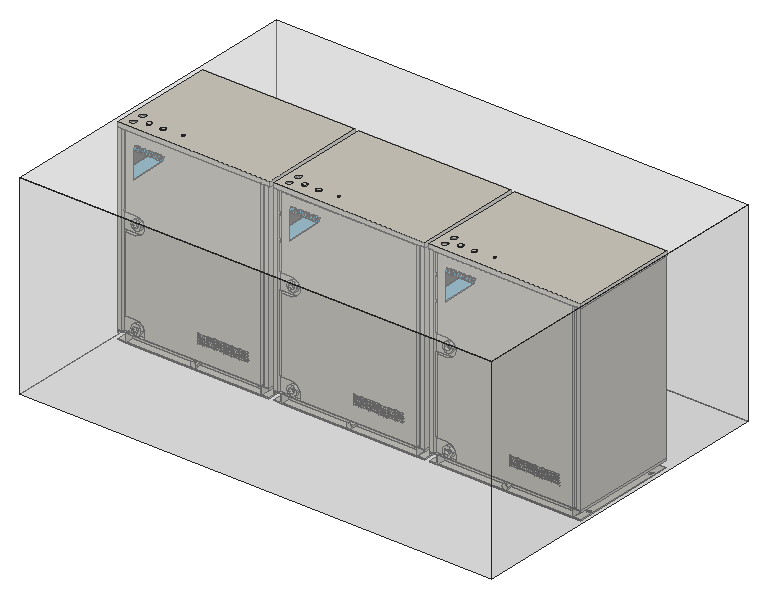
Revit family "outputfile", category 機械設備, Revit 2024
Family settings
  丸型コネクタ寸法 = 半径を使用
  種別 = なし
  パーツ タイプ = 標準
  OmniClass 番号 = 23.75.10.24.21.27.27
  OmniClass タイトル = Split System Air Conditioning Units
  作業面ベース = いいえ
  常に垂直 = はい
  ロード時にボイドで切り取り = いいえ
  注釈の向きを維持 = いいえ
  共有 = いいえ
  部屋計算ポイント = いいえ
Parameters (values of type "RWEYQ32TY1S")
  製造元 = "Daikin"
  書き出し IFC クラス(タイプ) = "IfcUnitaryEquipmentType"
  定義済み IFC タイプ(タイプ) = "AIRCONDITIONINGUNIT"
  モデル = "RWEYQ32TY1S"
  w_unit3 = 780.0 mm
  w_unit2 = 780.0 mm
  w_unit1 = 780.0 mm
  switch_unit3_6-8 [instance] = if(Reverse_ModuleSequence, if(default_unit1 = 1, 1 = 1, 1 = 0), if(default_unit3 = 1, 1 = 1, 1 = 0))  # no
  switch_unit3_12 [instance] = if(Reverse_ModuleSequence, if(default_unit1 = 3, 1 = 1, 1 = 0), if(default_unit3 = 3, 1 = 1, 1 = 0))  # no
  switch_unit3_10 [instance] = if(Reverse_ModuleSequence, if(default_unit1 = 2, 1 = 1, 1 = 0), if(default_unit3 = 2, 1 = 1, 1 = 0))  # yes
  switch_unit2_6-8 [instance] = if(default_unit2 = 1, 1 = 1, 1 = 0)  # no
  switch_unit2_12 [instance] = if(default_unit2 = 3, 1 = 1, 1 = 0)  # no
  switch_unit2_10 [instance] = if(default_unit2 = 2, 1 = 1, 1 = 0)  # yes
  switch_unit1_6-8 [instance] = if(Reverse_ModuleSequence, if(default_unit3 = 1, 1 = 1, 1 = 0), if(default_unit1 = 1, 1 = 1, 1 = 0))  # no
  switch_unit1_12 [instance] = if(Reverse_ModuleSequence, if(default_unit3 = 3, 1 = 1, 1 = 0), if(default_unit1 = 3, 1 = 1, 1 = 0))  # yes
  switch_unit1_10 [instance] = if(Reverse_ModuleSequence, if(default_unit3 = 2, 1 = 1, 1 = 0), if(default_unit1 = 2, 1 = 1, 1 = 0))  # no
  default_Water Outlet Pipe Connection_Unit 3 = 31.8 mm
  default_Water Outlet Pipe Connection_Unit 2 = 31.8 mm
  default_Water Outlet Pipe Connection_Unit 1 = 31.8 mm
  default_Water Inlet Pipe Connection_Unit 3 = 31.8 mm
  default_Water Inlet Pipe Connection_Unit 2 = 31.8 mm
  default_Water Inlet Pipe Connection_Unit 1 = 31.8 mm
  angle_Drain [instance] = if(Rear Connection_Drain, 180.00°, 0.00°)  # 0.00°
  r_Water Outlet Pipe Connection_unit3 [instance] = Water Outlet Pipe Connection_Unit3 / 2  # 15.9 mm
  r_Water Outlet Pipe Connection_unit2 [instance] = Water Outlet Pipe Connection_Unit2 / 2  # 15.9 mm
  r_Water Outlet Pipe Connection_unit1 [instance] = Water Outlet Pipe Connection_Unit1 / 2  # 15.9 mm
  r_Water Inlet Pipe Connection_unit3 [instance] = Water Inlet Pipe Connection_Unit3 / 2  # 15.9 mm
  r_Water Inlet Pipe Connection_unit2 [instance] = Water Inlet Pipe Connection_Unit2 / 2  # 15.9 mm
  r_Water Inlet Pipe Connection_unit1 [instance] = Water Inlet Pipe Connection_Unit1 / 2  # 15.9 mm
  r_Liquid Pipe Size_unit3 [instance] = Liquid Pipe Size_Unit 3 / 2  # 4.75 mm
  r_Liquid Pipe Size_unit2 [instance] = Liquid Pipe Size_Unit 2 / 2  # 4.75 mm
  r_HP/LP Gas Pipe Size_unit3 [instance] = [HP/LP Gas Pipe Size_Unit 3] / 2  # 11.1 mm
  r_HP/LP Gas Pipe Size_unit2 [instance] = [HP/LP Gas Pipe Size_Unit 2] / 2  # 11.1 mm
  r_HP/LP Gas Pipe Size_unit1 [instance] = [HP/LP Gas Pipe Size_Unit 1] / 2  # 11.1 mm
  r_Gas Pipe Size_unit3 [instance] = Gas Pipe Size_Unit 3 / 2  # 11.1 mm
  r_Gas Pipe Size_unit2 [instance] = Gas Pipe Size_Unit 2 / 2  # 11.1 mm
  r_Drain Pipe Size = Drain Pipe Size / 2  # 6.35 mm
  lw_powersupply3 = 51.0 mm
  lw_powersupply2 = 51.0 mm
  lw_liquidpipe3 = 274.0 mm
  lw_liquidpipe2 = 274.0 mm
  lw_gaspipe3 [instance] = if(Heat Pump, 107.0 mm, 178.0 mm)  # 107.0 mm
  lw_gaspipe2 [instance] = if(Heat Pump, 107.0 mm, 178.0 mm)  # 107.0 mm
  lw_Water Outlet3 = 95.0 mm
  lw_Water Outlet2 = 95.0 mm
  lw_Water Outlet1 = 95.0 mm
  lw_Water Inlet3 = 95.0 mm
  lw_Water Inlet2 = 95.0 mm
  lw_Water Inlet1 = 95.0 mm
  lw_HP/LP Gas Pipe3 [instance] = if(Heat Pump, 178.0 mm, 107.0 mm)  # 178.0 mm
  lw_HP/LP Gas Pipe2 [instance] = if(Heat Pump, 178.0 mm, 107.0 mm)  # 178.0 mm
  lw_HP/LP Gas Pipe1 [instance] = if(Heat Pump, 178.0 mm, 107.0 mm)  # 178.0 mm
  lw_Drain3 = 390.0 mm
  lw_Drain2 = 390.0 mm
  lw_Drain1 = 390.0 mm
  ld_HP/LP Gas Pipe = 69.0 mm
  h_mountinghole = [h_***] + 2.3 mm  # 2.3 mm
  r_Liquid Pipe Size_unit1 [instance] = Liquid Pipe Size_Unit 1 / 2  # 6.35 mm
  r_Gas Pipe Size_unit1 [instance] = Gas Pipe Size_Unit 1 / 2  # 11.1 mm
  distance_unit2-3 [instance] = 20.0 mm
  distance_unit1-2 [instance] = 20.0 mm
  default_unit3 = 2
  default_unit2 = 2
  default_unit1 = 3
  default_Model_Unit 3 = "RWEYQ10TY1S"
  default_Model_Unit 2 = "RWEYQ10TY1S"
  default_Model_Unit 1 = "RWEYQ12TY1S"
  default_Liquid Pipe Size_Unit 3 = 9.5 mm
  default_Liquid Pipe Size_Unit 2 = 9.5 mm
  default_Liquid Pipe Size_Unit 1 = 12.7 mm
  default_HP/LP Gas Pipe Size_Unit 3 [instance] = if(and(Heat Pump, [switch_unit3_6-8]), 19.1 mm, if(and(Heat Pump, switch_unit3_10), 22.2 mm, if(and(Heat Pump, switch_unit3_12), 22.2 mm, if(and(Heat Recovery, [switch_unit3_6-8]), 15.9 mm, if(and(Heat Recovery, switch_unit3_10), 19.1 mm, if(and(Heat Recovery, switch_unit3_12), 19.1 mm, 19.1 mm))))))  # 22.2 mm
  default_HP/LP Gas Pipe Size_Unit 2 [instance] = if(and(Heat Pump, [switch_unit2_6-8]), 19.1 mm, if(and(Heat Pump, switch_unit2_10), 22.2 mm, if(and(Heat Pump, switch_unit2_12), 22.2 mm, if(and(Heat Recovery, [switch_unit2_6-8]), 15.9 mm, if(and(Heat Recovery, switch_unit2_10), 19.1 mm, if(and(Heat Recovery, switch_unit2_12), 19.1 mm, 19.1 mm))))))  # 22.2 mm
  default_HP/LP Gas Pipe Size_Unit 1 [instance] = if(and(Heat Pump, [switch_unit1_6-8]), 19.1 mm, if(and(Heat Pump, switch_unit1_10), 22.2 mm, if(and(Heat Pump, switch_unit1_12), 22.2 mm, if(and(Heat Recovery, [switch_unit1_6-8]), 15.9 mm, if(and(Heat Recovery, switch_unit1_10), 19.1 mm, if(and(Heat Recovery, switch_unit1_12), 19.1 mm, 19.1 mm))))))  # 22.2 mm
  default_Gas Pipe Size_Unit 3 = 22.2 mm
  default_Gas Pipe Size_Unit 2 = 22.2 mm
  default_Gas Pipe Size_Unit 1 = 22.2 mm
  Water Outlet Pipe Connection_Unit3 [instance] = if(Reverse_ModuleSequence, default_Water Outlet Pipe Connection_Unit 1, default_Water Outlet Pipe Connection_Unit 3)  # 31.8 mm
  Water Outlet Pipe Connection_Unit2 [instance] = if(Reverse_ModuleSequence, default_Water Inlet Pipe Connection_Unit 2, default_Water Inlet Pipe Connection_Unit 2)  # 31.8 mm
  Water Outlet Pipe Connection_Unit1 [instance] = if(Reverse_ModuleSequence, default_Water Outlet Pipe Connection_Unit 3, default_Water Outlet Pipe Connection_Unit 1)  # 31.8 mm
  Water Inlet Pipe Connection_Unit3 [instance] = if(Reverse_ModuleSequence, default_Water Inlet Pipe Connection_Unit 1, default_Water Inlet Pipe Connection_Unit 3)  # 31.8 mm
  Water Inlet Pipe Connection_Unit2 [instance] = if(Reverse_ModuleSequence, default_Water Outlet Pipe Connection_Unit 2, default_Water Outlet Pipe Connection_Unit 2)  # 31.8 mm
  Water Inlet Pipe Connection_Unit1 [instance] = if(Reverse_ModuleSequence, default_Water Inlet Pipe Connection_Unit 3, default_Water Inlet Pipe Connection_Unit 1)  # 31.8 mm
  Voltage_comment_50Hz = "380-415"
  Voltage_50Hz = 400 V
  Top Connection_powersupply2 [instance] = not(Top Connection_powersupply1)  # no
  Sound Power Level (dB) = 77
  Reverse_ModuleSequence [instance] = no
  Rear Connection_Drain [instance] = not(Front Connection_Drain)  # no
  Power Input (Heating) = 19.100 kW
  Phase_50Hz = 3
  Nominal Heating Capacity = 101.000 kW
  Model_Unit 3 [instance] = if(Reverse_ModuleSequence, default_Model_Unit 1, default_Model_Unit 3)  # "RWEYQ10TY1S"
  Model_Unit 2 [instance] = if(Reverse_ModuleSequence, default_Model_Unit 2, default_Model_Unit 2)  # "RWEYQ10TY1S"
  Model_Unit 1 [instance] = if(Reverse_ModuleSequence, default_Model_Unit 3, default_Model_Unit 1)  # "RWEYQ12TY1S"
  Minimum Circuit Amps_50Hz = 40.9 A
  Maximum Fuse Amps_50Hz = 45.0 A
  Material_Heat Exchanger = DAIKIN_Blue_HE_outdoorunit
  Material_Casing = DAIKIN_IvoryWhite_Casing_outdoorunit
  lw_powersupply1 = 51.0 mm
  lw_liquidpipe1 = 274.0 mm
  lw_gaspipe1 [instance] = if(Heat Pump, 107.0 mm, 178.0 mm)  # 107.0 mm
  lh_powersupply = 940.0 mm
  ld_powersupply [instance] = if(Top Connection_powersupply1, 38.0 mm, 98.0 mm)  # 38.0 mm
  ld_liquidpipe = 79.0 mm
  ld_gaspipe = 69.0 mm
  h_*** = 0.0 mm
  Width [instance] = [distance_unit1-2] + [distance_unit2-3] + w_unit1 + w_unit2 + w_unit3  # 2380.0 mm
  Version = "ver.1.0"
  Unit Type = ""
  Unit Mass Weight = 441.00 kg
  Unit Designation [instance] = ""
  Uniclass2015Version = "Products v1.30"
  Uniclass2015Title = "Variable refrigerant flow units"
  Uniclass2015Code = "Pr_70_65_03_94"
  Total Cooling Capacity [instance] = 0.000 kW
  Sound Pressure Level (dBA) = 57
  Series = "VRV Heat Recovery"
  Refrigerant_Base Charge = 12.600 kg
  Refrigerant_Additional Charge [instance] = 0.000 kg
  Refrigerant Type = "R410A"
  Power Input (Cooling) = 18.200 kW
  Option Accessory 3 [instance] = ""
  Option Accessory 2 [instance] = ""
  Option Accessory 1 [instance] = ""
  Nominal Cooling Capacity = 89.500 kW
  Load Classification = HVAC
  Liquid Pipe Size_Unit 3 [instance] = if(Reverse_ModuleSequence, default_Liquid Pipe Size_Unit 1, default_Liquid Pipe Size_Unit 3)  # 9.5 mm
  Liquid Pipe Size_Unit 2 [instance] = if(Reverse_ModuleSequence, default_Liquid Pipe Size_Unit 2, default_Liquid Pipe Size_Unit 2)  # 9.5 mm
  Liquid Pipe Size_Unit 1 [instance] = if(Reverse_ModuleSequence, default_Liquid Pipe Size_Unit 3, default_Liquid Pipe Size_Unit 1)  # 12.7 mm
  Link_Nested Family [instance] = ""
  Intermediate Liquid Pipe Size_Unit1-2 = 15.9 mm
  Intermediate HP/LP Gas Pipe Size_Unit1-2 = 22.2 mm
  Intermediate Gas Pipe Size_Unit1-2 = 28.6 mm
  IfcVersion = ""
  IfcExportType = "AIRCONDITIONINGUNIT"
  IfcExportAs = "IfcUnitaryEquipmentType"
  Height = 1000.0 mm
  Heat Recovery [instance] = not(Heat Pump)  # no
  Heat Pump [instance] = yes
  Heat Exchanger Type = "Stainless Steel Plate"
  HP/LP Gas Pipe Size_Unit 3 [instance] = [default_HP/LP Gas Pipe Size_Unit 3]  # 22.2 mm
  HP/LP Gas Pipe Size_Unit 2 [instance] = [default_HP/LP Gas Pipe Size_Unit 2]  # 22.2 mm
  HP/LP Gas Pipe Size_Unit 1 [instance] = [default_HP/LP Gas Pipe Size_Unit 1]  # 22.2 mm
  Gas Pipe Size_Unit 3 [instance] = if(Reverse_ModuleSequence, default_Gas Pipe Size_Unit 1, default_Gas Pipe Size_Unit 3)  # 22.2 mm
  Gas Pipe Size_Unit 2 [instance] = if(Reverse_ModuleSequence, default_Gas Pipe Size_Unit 2, default_Gas Pipe Size_Unit 2)  # 22.2 mm
  Gas Pipe Size_Unit 1 [instance] = if(Reverse_ModuleSequence, default_Gas Pipe Size_Unit 3, default_Gas Pipe Size_Unit 1)  # 22.2 mm
  Top Connection_powersupply1 [instance] = yes
  Front Connection_Drain [instance] = yes
  Frequency_50Hz = 50 Hz
  Drain Pipe Size = 12.7 mm
  Depth = 550.0 mm
  既定の高さ = 0.0 mm
  Cooling Ambient Wet Bulb Temperature [instance] = 0.00 °C
  Cooling Ambient Dry Bulb Temperature [instance] = 0.00 °C
  Compressor Type = "Hermetically Sealed Scroll Type"
  Clearance visibility [instance] = yes
  Clearance Top = 0.0 mm
  Clearance Right = 20.0 mm
  Clearance Rear = 500.0 mm
  Clearance Left = 20.0 mm
  Clearance Front = 600.0 mm
  Clearance Bottom = 0.0 mm
  CU Tag No. [instance] = ""
Reference planes
  plane 1 "Center (Front/Back)": y = 0
  plane 2 "h_***": z = 0
  plane 3 "Center (Left/Right)": x = 0
  plane 4 "Back": y = 275
  plane 5 "Front": y = -275
  plane 6 "Left": x = -390
  plane 7 "w_unit1": x = 390
  plane 8 "Top": z = 1000
  plane 9 "Clearance Rear": y = 775
  plane 10 "Clearance Front": y = -875
  plane 11 "Clearance Left": x = -410
  plane 12 "Clearance Right": x = 2010
  plane 13 "Clearance Top": z = 1000
  plane 14 "Clearance Bottom": z = 0
  plane 15 "Bottom": z = 0
  plane 16 "lw_powersupply1": x = -339
  plane 17 "ld_powersupply": y = -237
  plane 18 "lw_liquidpipe1": x = -116
  plane 19 "Rear Connection_refrigetant": y = -196
  plane 20 "lw_gaspipe1": x = -283
  plane 21 "ld_gaspipe": y = -206
  plane 22 "lh_logo": z = 900
  plane 23 "lw_logo": x = 100
  plane 24 "lh_powersupply": z = 940
  plane 25 "lw_HP/LP Gas Pipe1": x = -212
  plane 26 "ld_HP/LP Gas Pipe": y = -206
  plane 27 "l_unit2": x = 410
  plane 28 "w_unit2": x = 1190
  plane 29 "lw_powersupply2": x = 461
  plane 30 "lw_liquidpipe2": x = 684
  plane 31 "lw_gaspipe2": x = 517
  plane 32 "lw_HP/LP Gas Pipe2": x = 588
  plane 33 "Right": x = 1990
  plane 34 "叴": x = 1210
  plane 35 "叵": x = 1261
  plane 36 "叶": x = 1484
  plane 37 "号": x = 1317
  plane 38 "司": x = 1388
  plane 39 "lw_Water Inlet1": x = -295
  plane 40 "lw_Water Inlet2": x = 505
  plane 41 "lw_Water Inlet3": x = 1305
  plane 42 "lw_Water Outlet1": x = -295
  plane 43 "lw_Water Outlet2": x = 505
  plane 44 "lw_Water Outlet3": x = 1305
  plane 45 "lw_Drain1": x = 0
  plane 46 "lw_Drain2": x = 800
  plane 47 "lw_Drain3": x = 1600
Dimensions and locks
  equal spacing: plane 4 "Back", plane 1 "Center (Front/Back)", plane 5 "Front"
  "Depth": plane 4 "Back" to plane 5 "Front"
  equal spacing: plane 6 "Left", plane 3 "Center (Left/Right)", plane 7 "w_unit1"
  "w_unit1": plane 6 "Left" to plane 7 "w_unit1"
  "Clearance Rear": plane 9 "Clearance Rear" to plane 4 "Back"
  "Clearance Front": plane 10 "Clearance Front" to plane 5 "Front"
  "Clearance Left": plane 11 "Clearance Left" to plane 6 "Left"
  "Clearance Top": plane 13 "Clearance Top" to plane 8 "Top"
  "h_***": plane 15 "Bottom" to plane 2 "h_***"
  "Height": plane 8 "Top" to plane 15 "Bottom"
  "Clearance Bottom": plane 15 "Bottom" to plane 14 "Clearance Bottom"
  "ld_powersupply": plane 17 "ld_powersupply" to plane 5 "Front"
  "ld_liquidpipe": plane 19 "Rear Connection_refrigetant" to plane 5 "Front"
  "ld_gaspipe": plane 21 "ld_gaspipe" to plane 5 "Front"
  locked: plane 23 "lw_logo" to plane 7 "w_unit1" at 290
  locked: plane 22 "lh_logo" to plane 15 "Bottom" at 900
  "lw_gaspipe1": plane 6 "Left" to plane 20 "lw_gaspipe1"
  "lw_liquidpipe1": plane 6 "Left" to plane 18 "lw_liquidpipe1"
  "lw_powersupply1": plane 6 "Left" to plane 16 "lw_powersupply1"
  "lh_powersupply": plane 24 "lh_powersupply" to plane 15 "Bottom"
  "lw_HP/LP Gas Pipe1": plane 6 "Left" to plane 25 "lw_HP/LP Gas Pipe1"
  "ld_HP/LP Gas Pipe": plane 26 "ld_HP/LP Gas Pipe" to plane 5 "Front"
  "distance_unit1-2": plane 7 "w_unit1" to plane 27 "l_unit2"
  "lw_powersupply2": plane 27 "l_unit2" to plane 29 "lw_powersupply2"
  "lw_HP/LP Gas Pipe2": plane 27 "l_unit2" to plane 32 "lw_HP/LP Gas Pipe2"
  "lw_gaspipe2": plane 27 "l_unit2" to plane 31 "lw_gaspipe2"
  "lw_liquidpipe2": plane 27 "l_unit2" to plane 30 "lw_liquidpipe2"
  "w_unit2": plane 27 "l_unit2" to plane 28 "w_unit2"
  "distance_unit2-3": plane 28 "w_unit2" to plane 34 "叴"
  "Width": plane 6 "Left" to plane 33 "Right"
  "Clearance Right": plane 33 "Right" to plane 12 "Clearance Right"
  "lw_powersupply3": plane 34 "叴" to plane 35 "叵"
  "lw_HP/LP Gas Pipe3": plane 34 "叴" to plane 38 "司"
  "lw_gaspipe3": plane 34 "叴" to plane 37 "号"
  "lw_liquidpipe3": plane 34 "叴" to plane 36 "叶"
  "lw_Water Inlet1": plane 6 "Left" to plane 39 "lw_Water Inlet1"
  "lw_Water Inlet2": plane 27 "l_unit2" to plane 40 "lw_Water Inlet2"
  "lw_Water Inlet3": plane 34 "叴" to plane 41 "lw_Water Inlet3"
  "lw_Water Outlet1": plane 6 "Left" to plane 42 "lw_Water Outlet1"
  "lw_Water Outlet2": plane 27 "l_unit2" to plane 43 "lw_Water Outlet2"
  "lw_Water Outlet3": plane 34 "叴" to plane 44 "lw_Water Outlet3"
  "lw_Drain1": plane 6 "Left" to plane 45 "lw_Drain1"
  "lw_Drain2": plane 27 "l_unit2" to plane 46 "lw_Drain2"
  "lw_Drain3": plane 34 "叴" to plane 47 "lw_Drain3"
  aligned and locked: level to plane 2 "h_***"
  aligned and locked: nested 2 to plane 9 "Clearance Rear"
  aligned and locked: nested 2 to plane 10 "Clearance Front"
  aligned and locked: plane 11 "Clearance Left" to nested 2
  aligned and locked: plane 12 "Clearance Right" to nested 2
  aligned and locked: nested 2 to plane 13 "Clearance Top"
  aligned and locked: nested 2 to plane 14 "Clearance Bottom"
  aligned and locked: plane 8 "Top" to nested 1
  aligned and locked: plane 22 "lh_logo" to nested 7
  aligned and locked: nested 8 to plane 16 "lw_powersupply1"
  aligned and locked: nested 9 to plane 20 "lw_gaspipe1"
  aligned and locked: nested 10 to plane 18 "lw_liquidpipe1"
  aligned and locked: nested 10 to plane 19 "Rear Connection_refrigetant"
  aligned and locked: nested 9 to plane 21 "ld_gaspipe"
  aligned and locked: nested 8 to plane 17 "ld_powersupply"
  aligned and locked: plane 5 "Front" to nested 7
  aligned and locked: plane 24 "lh_powersupply" to nested 8
  aligned and locked: plane 27 "l_unit2" to nested 11
  aligned and locked: nested 17 to plane 29 "lw_powersupply2"
  aligned and locked: nested 17 to plane 17 "ld_powersupply"
  aligned and locked: nested 18 to plane 31 "lw_gaspipe2"
  aligned and locked: nested 18 to plane 26 "ld_HP/LP Gas Pipe"
  aligned and locked: plane 1 "Center (Front/Back)" to nested 20
  aligned and locked: plane 34 "叴" to nested 20
  aligned and locked: nested 27 to plane 35 "叵"
  aligned and locked: nested 28 to plane 37 "号"
  aligned and locked: nested 26 to plane 36 "叶"
  aligned and locked: plane 17 "ld_powersupply" to nested 27
  aligned and locked: plane 21 "ld_gaspipe" to nested 28
  aligned and locked: plane 19 "Rear Connection_refrigetant" to nested 26
  aligned and locked: nested 27 to plane 24 "lh_powersupply"
  aligned and locked: plane 39 "lw_Water Inlet1" to nested 29
  aligned and locked: plane 40 "lw_Water Inlet2" to nested 30
  aligned and locked: plane 41 "lw_Water Inlet3" to nested 31
  aligned and locked: plane 42 "lw_Water Outlet1" to nested 32
  aligned and locked: plane 43 "lw_Water Outlet2" to nested 33
  aligned and locked: plane 44 "lw_Water Outlet3" to nested 34
  aligned and locked: plane 45 "lw_Drain1" to nested 35
  aligned and locked: plane 46 "lw_Drain2" to nested 36
  aligned and locked: plane 47 "lw_Drain3" to nested 37
  aligned and locked: plane 1 "Center (Front/Back)" to nested 29
  aligned and locked: plane 1 "Center (Front/Back)" to nested 32
  aligned and locked: plane 1 "Center (Front/Back)" to nested 31
  aligned and locked: plane 1 "Center (Front/Back)" to nested 30
  aligned and locked: plane 1 "Center (Front/Back)" to nested 33
  aligned and locked: plane 1 "Center (Front/Back)" to nested 35
  aligned and locked: plane 1 "Center (Front/Back)" to nested 34
  aligned and locked: plane 1 "Center (Front/Back)" to nested 37
  aligned and locked: plane 1 "Center (Front/Back)" to nested 36
  aligned and locked: plane 25 "lw_HP/LP Gas Pipe1" to nested 38
  aligned and locked: plane 32 "lw_HP/LP Gas Pipe2" to nested 39
  aligned and locked: plane 38 "司" to nested 40
  aligned and locked: nested 38 to plane 26 "ld_HP/LP Gas Pipe"
  aligned and locked: nested 39 to plane 26 "ld_HP/LP Gas Pipe"
  aligned and locked: plane 26 "ld_HP/LP Gas Pipe" to nested 40
Nested families
  nested 1: "DAIKIN_outdoorunit_RWEYQ-TY1S" at (-31, 0, 0), h_*** <- "h_***", Link_Nest <- "Link_Nested Family", h_mountinghole <- "h_mountinghole", Width <- "w_unit1", switch_unit1_6-8 <- "switch_unit1_6-8", switch_unit1_10 <- "switch_unit1_10", switch_unit1_12 <- "switch_unit1_12", type "RWEYQ-TY1S"
    with switch_unit1_6-8 no, switch_unit1_12 yes, switch_unit1_10 no, show_fixedhole yes, h_mountinghole 2.3 mm, h_antenna_mountinghole 998.7 mm, h_*** 0.0 mm, array_bolt 5, Width 780.0 mm, Liquid Pipe Size_Unit 1 12.7 mm, Link_Nest "", HP/LP Pipe Size_Unit 1 22.2 mm, Gas Pipe Size_Unit 1 22.2 mm
  nested 2: "daikin_clearancespace" at (800, -50, 500.119), visible <- "Clearance visibility", show <- "Clearance visibility", Link_Nested Family <- "Link_Nested Family", type "daikin_clearancespace"
    with width 2420.0 mm, show yes, height 1000.0 mm, depth 1650.0 mm, Link_Nested Family ""
  nested 3: "daikin_mountinghole" at (-372, 200, 0), type "daikin_mountinghole"
    with show yes, l_antenna 998.7 mm, h_mountinghole 2.3 mm, Link_Nested Family ""
  nested 4: "daikin_mountinghole" at (372, 200, 0), type "daikin_mountinghole"
    with show yes, l_antenna 998.7 mm, h_mountinghole 2.3 mm, Link_Nested Family ""
  nested 5: "daikin_mountinghole" at (-372, -200, 0), type "daikin_mountinghole"
    with show yes, l_antenna 998.7 mm, h_mountinghole 2.3 mm, Link_Nested Family ""
  nested 6: "daikin_mountinghole" at (372, -200, 0), type "daikin_mountinghole"
    with show yes, l_antenna 998.7 mm, h_mountinghole 2.3 mm, Link_Nested Family ""
  nested 7: "daikin_logo_elevation_w150" at (-212.5, -275, 744.568), type "daikin_logo_elevation_w150"
    with show_logo yes
  nested 8: "daikin_connector_rotate3" at (-339, -237, 940) x (-1, 0, 0) z (0, 0, -1), type "daikin_connector_rotate3"
    with show no, radius 10.0 mm, length 60.0 mm, angle_vertical 0.00°, angle_horizontal 0.00°
  nested 9: "daikin_connector_rotate3" at (-283, -206, 940) x (-1, 0, 0) z (0, 0, -1), radius <- "r_Gas Pipe Size_unit1", type "daikin_connector_rotate3"
    with show no, radius 11.1 mm, length 60.0 mm, angle_vertical 0.00°, angle_horizontal 0.00°
  nested 10: "daikin_connector_rotate3" at (-116, -196, 940) x (-1, 0, 0) z (0, 0, -1), radius <- "r_Liquid Pipe Size_unit1", type "daikin_connector_rotate3"
    with show no, radius 6.35 mm, length 60.0 mm, angle_vertical 0.00°, angle_horizontal 0.00°
  nested 11: "DAIKIN_outdoorunit_RWEYQ-TY1S" at (769, 0, 0), Width <- "w_unit2", switch_unit1_6-8 <- "switch_unit2_6-8", switch_unit1_10 <- "switch_unit2_10", switch_unit1_12 <- "switch_unit2_12", type "RWEYQ-TY1S"
    with switch_unit1_6-8 no, switch_unit1_12 no, switch_unit1_10 yes, show_fixedhole yes, h_mountinghole 2.3 mm, h_antenna_mountinghole 998.7 mm, h_*** 0.0 mm, array_bolt 5, Width 780.0 mm, Liquid Pipe Size_Unit 1 9.5 mm, Link_Nest "", HP/LP Pipe Size_Unit 1 22.2 mm, Gas Pipe Size_Unit 1 22.2 mm
  nested 12: "daikin_mountinghole" at (428, 200, 0), type "daikin_mountinghole"
    with show yes, l_antenna 998.7 mm, h_mountinghole 2.3 mm, Link_Nested Family ""
  nested 13: "daikin_mountinghole" at (1172, 200, 0), type "daikin_mountinghole"
    with show yes, l_antenna 998.7 mm, h_mountinghole 2.3 mm, Link_Nested Family ""
  nested 14: "daikin_mountinghole" at (428, -200, 0), type "daikin_mountinghole"
    with show yes, l_antenna 998.7 mm, h_mountinghole 2.3 mm, Link_Nested Family ""
  nested 15: "daikin_mountinghole" at (1172, -200, 0), type "daikin_mountinghole"
    with show yes, l_antenna 998.7 mm, h_mountinghole 2.3 mm, Link_Nested Family ""
  nested 16: "daikin_connector_rotate3" at (684, -196, 940) x (-1, 0, 0) z (0, 0, -1), radius <- "r_Liquid Pipe Size_unit2", type "daikin_connector_rotate3"
    with show no, radius 4.75 mm, length 60.0 mm, angle_vertical 0.00°, angle_horizontal 0.00°
  nested 17: "daikin_connector_rotate3" at (461, -237, 940) x (-1, 0, 0) z (0, 0, -1), type "daikin_connector_rotate3"
    with show no, radius 10.0 mm, length 60.0 mm, angle_vertical 0.00°, angle_horizontal 0.00°
  nested 18: "daikin_connector_rotate3" at (517, -206, 940) x (-1, 0, 0) z (0, 0, -1), radius <- "r_Gas Pipe Size_unit2", type "daikin_connector_rotate3"
    with show no, radius 11.1 mm, length 60.0 mm, angle_vertical 0.00°, angle_horizontal 0.00°
  nested 19: "daikin_logo_elevation_w150" at (587.5, -275, 744.568), type "daikin_logo_elevation_w150"
    with show_logo yes
  nested 20: "DAIKIN_outdoorunit_RWEYQ-TY1S" at (1569, 0, 0), switch_unit1_6-8 <- "switch_unit3_6-8", switch_unit1_10 <- "switch_unit3_10", switch_unit1_12 <- "switch_unit3_12", Width <- "w_unit3", type "RWEYQ-TY1S"
    with switch_unit1_6-8 no, switch_unit1_12 no, switch_unit1_10 yes, show_fixedhole yes, h_mountinghole 2.3 mm, h_antenna_mountinghole 998.7 mm, h_*** 0.0 mm, array_bolt 5, Width 780.0 mm, Liquid Pipe Size_Unit 1 9.5 mm, Link_Nest "", HP/LP Pipe Size_Unit 1 22.2 mm, Gas Pipe Size_Unit 1 22.2 mm
  nested 21: "daikin_mountinghole" at (1228, 200, 0), type "daikin_mountinghole"
    with show yes, l_antenna 998.7 mm, h_mountinghole 2.3 mm, Link_Nested Family ""
  nested 22: "daikin_mountinghole" at (1972, 200, 0), type "daikin_mountinghole"
    with show yes, l_antenna 998.7 mm, h_mountinghole 2.3 mm, Link_Nested Family ""
  nested 23: "daikin_mountinghole" at (1228, -200, 0), type "daikin_mountinghole"
    with show yes, l_antenna 998.7 mm, h_mountinghole 2.3 mm, Link_Nested Family ""
  nested 24: "daikin_mountinghole" at (1972, -200, 0), type "daikin_mountinghole"
    with show yes, l_antenna 998.7 mm, h_mountinghole 2.3 mm, Link_Nested Family ""
  nested 25: "daikin_logo_elevation_w150" at (1387.5, -275, 744.568), type "daikin_logo_elevation_w150"
    with show_logo yes
  nested 26: "daikin_connector_rotate3" at (1484, -196, 940) x (-1, 0, 0) z (0, 0, -1), radius <- "r_Liquid Pipe Size_unit3", type "daikin_connector_rotate3"
    with show no, radius 4.75 mm, length 60.0 mm, angle_vertical 0.00°, angle_horizontal 0.00°
  nested 27: "daikin_connector_rotate3" at (1261, -237, 940) x (-1, 0, 0) z (0, 0, -1), type "daikin_connector_rotate3"
    with show no, radius 10.0 mm, length 60.0 mm, angle_vertical 0.00°, angle_horizontal 0.00°
  nested 28: "daikin_connector_rotate3" at (1317, -206, 940) x (-1, 0, 0) z (0, 0, -1), radius <- "r_Gas Pipe Size_unit3", type "daikin_connector_rotate3"
    with show no, radius 11.1 mm, length 60.0 mm, angle_vertical 0.00°, angle_horizontal 0.00°
  nested 29: "daikin_connector_rotate3" at (-295, 0, 76), radius <- "r_Water Inlet Pipe Connection_unit1", type "daikin_connector_rotate3"
    with show no, radius 15.9 mm, length 275.0 mm, angle_vertical 90.00°, angle_horizontal 0.00°
  nested 30: "daikin_connector_rotate3" at (505, 0, 76), radius <- "r_Water Inlet Pipe Connection_unit2", type "daikin_connector_rotate3"
    with show no, radius 15.9 mm, length 275.0 mm, angle_vertical 90.00°, angle_horizontal 0.00°
  nested 31: "daikin_connector_rotate3" at (1305, 0, 76), radius <- "r_Water Inlet Pipe Connection_unit3", type "daikin_connector_rotate3"
    with show no, radius 15.9 mm, length 275.0 mm, angle_vertical 90.00°, angle_horizontal 0.00°
  nested 32: "daikin_connector_rotate3" at (-295, 0, 556), radius <- "r_Water Outlet Pipe Connection_unit1", type "daikin_connector_rotate3"
    with show no, radius 15.9 mm, length 275.0 mm, angle_vertical 90.00°, angle_horizontal 0.00°
  nested 33: "daikin_connector_rotate3" at (505, 0, 556), radius <- "r_Water Outlet Pipe Connection_unit2", type "daikin_connector_rotate3"
    with show no, radius 15.9 mm, length 275.0 mm, angle_vertical 90.00°, angle_horizontal 0.00°
  nested 34: "daikin_connector_rotate3" at (1305, 0, 556), radius <- "r_Water Outlet Pipe Connection_unit3", type "daikin_connector_rotate3"
    with show no, radius 15.9 mm, length 275.0 mm, angle_vertical 90.00°, angle_horizontal 0.00°
  nested 35: "daikin_connector_rotate3" at (0, 0, 19), angle_horizontal <- "angle_Drain", radius <- "r_Drain Pipe Size", type "daikin_connector_rotate3"
    with show no, radius 6.35 mm, length 275.0 mm, angle_vertical 90.00°, angle_horizontal 0.00°
  nested 36: "daikin_connector_rotate3" at (800, 0, 19), angle_horizontal <- "angle_Drain", radius <- "r_Drain Pipe Size", type "daikin_connector_rotate3"
    with show no, radius 6.35 mm, length 275.0 mm, angle_vertical 90.00°, angle_horizontal 0.00°
  nested 37: "daikin_connector_rotate3" at (1600, 0, 19), angle_horizontal <- "angle_Drain", radius <- "r_Drain Pipe Size", type "daikin_connector_rotate3"
    with show no, radius 6.35 mm, length 275.0 mm, angle_vertical 90.00°, angle_horizontal 0.00°
  nested 38: "daikin_connector_rotate3" at (-212, -206, 940) x (1, 0, 0) z (0, 0, -1), radius <- "r_HP/LP Gas Pipe Size_unit1", type "daikin_connector_rotate3"
    with show no, radius 11.1 mm, length 60.0 mm, angle_vertical 0.00°, angle_horizontal 0.00°
  nested 39: "daikin_connector_rotate3" at (588, -206, 940) x (1, 0, 0) z (0, 0, -1), radius <- "r_HP/LP Gas Pipe Size_unit2", type "daikin_connector_rotate3"
    with show no, radius 11.1 mm, length 60.0 mm, angle_vertical 0.00°, angle_horizontal 0.00°
  nested 40: "daikin_connector_rotate3" at (1388, -206, 940) x (1, 0, 0) z (0, 0, -1), radius <- "r_HP/LP Gas Pipe Size_unit3", type "daikin_connector_rotate3"
    with show no, radius 11.1 mm, length 60.0 mm, angle_vertical 0.00°, angle_horizontal 0.00°
Connectors
  piping at (-116, -196, 1000), diameter 12.7, driven by "r_Liquid Pipe Size_unit1"
    settings: on nested 10, index 12, connector inside diameter 609.6 mm, connector length 0.0 mm, flow factor 0, pipe flow 0.00 m³/h, pressure drop 0.0 Pa, fitting loss kfactor 0, connector angle 0.00°, fixture units 0, engagement length 0.0 mm, angle of deflection 0.00°, flow configuration 0, flow direction 2, fitting loss method 0, system type 29, joint type 0, gender type 0, connector reference index -1, connector utility 0, adjustable connector no, is connector primary no, connector description "Refrigerant Liquid Piping1"
  electrical at (-339, -237, 1000), driven by "Load Classification"
    settings: on nested 8, index 13, voltage 0 V, apparent load 0 VA, apparent load phase1 0 VA, apparent load phase2 0 VA, apparent load phase3 0 VA, power factor 1, load classification "HVAC", number of poles 1, system type 30, power factor state 1, is connector primary yes, connector utility no, sub classification motor no, connector description "Power Supply1"
  piping at (684, -196, 1000), diameter 9.5, driven by "r_Liquid Pipe Size_unit2"
    settings: on nested 16, index 15, connector inside diameter 609.6 mm, connector length 0.0 mm, flow factor 0, pipe flow 0.00 m³/h, pressure drop 0.0 Pa, fitting loss kfactor 0, connector angle 0.00°, fixture units 0, engagement length 0.0 mm, angle of deflection 0.00°, flow configuration 0, flow direction 2, fitting loss method 0, system type 29, joint type 0, gender type 0, connector reference index -1, connector utility 0, adjustable connector no, is connector primary no, connector description "Refrigerant Liquid Piping2"
  electrical at (461, -237, 1000), driven by "Load Classification"
    settings: on nested 17, index 17, voltage 0 V, apparent load 0 VA, apparent load phase1 0 VA, apparent load phase2 0 VA, apparent load phase3 0 VA, power factor 1, load classification "HVAC", number of poles 1, system type 30, power factor state 1, is connector primary no, connector utility no, sub classification motor no, connector description "Power Supply2"
  piping at (1484, -196, 1000), diameter 9.5, driven by "r_Liquid Pipe Size_unit3"
    settings: on nested 26, index 19, connector inside diameter 609.6 mm, connector length 0.0 mm, flow factor 0, pipe flow 0.00 m³/h, pressure drop 0.0 Pa, fitting loss kfactor 0, connector angle 0.00°, fixture units 0, engagement length 0.0 mm, angle of deflection 0.00°, flow configuration 0, flow direction 2, fitting loss method 0, system type 29, joint type 0, gender type 0, connector reference index -1, connector utility 0, adjustable connector no, is connector primary no, connector description "Refrigerant Liquid Piping3"
  piping at (1317, -206, 1000), diameter 22.2, driven by "r_Gas Pipe Size_unit3"
    settings: on nested 28, index 20, connector inside diameter 609.6 mm, connector length 0.0 mm, flow factor 0, pipe flow 0.00 m³/h, pressure drop 0.0 Pa, fitting loss kfactor 0, connector angle 0.00°, fixture units 0, engagement length 0.0 mm, angle of deflection 0.00°, flow configuration 0, flow direction 1, fitting loss method 0, system type 29, joint type 0, gender type 0, connector reference index -1, connector utility 0, adjustable connector no, is connector primary no, connector description "Refrigerant Gas Piping3"
  electrical at (1261, -237, 1000), driven by "Load Classification"
    settings: on nested 27, index 21, voltage 0 V, apparent load 0 VA, apparent load phase1 0 VA, apparent load phase2 0 VA, apparent load phase3 0 VA, power factor 1, load classification "HVAC", number of poles 1, system type 30, power factor state 1, is connector primary no, connector utility no, sub classification motor no, connector description "Power Supply3"
  piping at (-295, -275, 556), diameter 31.8, driven by "r_Water Outlet Pipe Connection_unit1"
    settings: on nested 32, index 24, connector inside diameter 609.6 mm, connector length 0.0 mm, flow factor 0, pipe flow 0.00 m³/h, pressure drop 0.0 Pa, fitting loss kfactor 0, connector angle 0.00°, fixture units 0, engagement length 0.0 mm, angle of deflection 0.00°, flow configuration 1, flow direction 2, fitting loss method 0, system type 8, joint type 0, gender type 0, connector reference index -1, connector utility 0, adjustable connector no, is connector primary no, connector description "Cooling Water Outlet Piping 1"
  piping at (-295, -275, 76), diameter 31.8, driven by "r_Water Inlet Pipe Connection_unit1"
    settings: on nested 29, index 25, connector inside diameter 609.6 mm, connector length 0.0 mm, flow factor 0, pipe flow 0.00 m³/h, pressure drop 0.0 Pa, fitting loss kfactor 0, connector angle 0.00°, fixture units 0, engagement length 0.0 mm, angle of deflection 0.00°, flow configuration 1, flow direction 1, fitting loss method 0, system type 7, joint type 0, gender type 0, connector reference index -1, connector utility 0, adjustable connector no, is connector primary no, connector description "Cooling Water Inlet  Piping 1"
  piping at (0, -275, 19), diameter 12.7, driven by "r_Drain Pipe Size"
    settings: on nested 35, index 26, connector inside diameter 609.6 mm, connector length 0.0 mm, flow factor 0, pipe flow 0.00 m³/h, pressure drop 0.0 Pa, fitting loss kfactor 0, connector angle 0.00°, fixture units 0, engagement length 0.0 mm, angle of deflection 0.00°, flow configuration 1, flow direction 2, fitting loss method 4, system type 16, joint type 0, gender type 0, connector reference index -1, connector utility 0, adjustable connector no, is connector primary no, connector description "Condensate Drain Piping 1"
  piping at (505, -275, 556), diameter 31.8, driven by "r_Water Outlet Pipe Connection_unit2"
    settings: on nested 33, index 27, connector inside diameter 609.6 mm, connector length 0.0 mm, flow factor 0, pipe flow 0.00 m³/h, pressure drop 0.0 Pa, fitting loss kfactor 0, connector angle 0.00°, fixture units 0, engagement length 0.0 mm, angle of deflection 0.00°, flow configuration 1, flow direction 2, fitting loss method 0, system type 8, joint type 0, gender type 0, connector reference index -1, connector utility 0, adjustable connector no, is connector primary no, connector description "Cooling Water Outlet Piping 2"
  piping at (505, -275, 76), diameter 31.8, driven by "r_Water Inlet Pipe Connection_unit2"
    settings: on nested 30, index 28, connector inside diameter 609.6 mm, connector length 0.0 mm, flow factor 0, pipe flow 0.00 m³/h, pressure drop 0.0 Pa, fitting loss kfactor 0, connector angle 0.00°, fixture units 0, engagement length 0.0 mm, angle of deflection 0.00°, flow configuration 1, flow direction 1, fitting loss method 0, system type 7, joint type 0, gender type 0, connector reference index -1, connector utility 0, adjustable connector no, is connector primary no, connector description "Cooling Water Inlet  Piping 2"
  piping at (800, -275, 19), diameter 12.7, driven by "r_Drain Pipe Size"
    settings: on nested 36, index 29, connector inside diameter 609.6 mm, connector length 0.0 mm, flow factor 0, pipe flow 0.00 m³/h, pressure drop 0.0 Pa, fitting loss kfactor 0, connector angle 0.00°, fixture units 0, engagement length 0.0 mm, angle of deflection 0.00°, flow configuration 1, flow direction 2, fitting loss method 4, system type 16, joint type 0, gender type 0, connector reference index -1, connector utility 0, adjustable connector no, is connector primary no, connector description "Condensate Drain Piping 2"
  piping at (1305, -275, 556), diameter 31.8, driven by "r_Water Outlet Pipe Connection_unit3"
    settings: on nested 34, index 30, connector inside diameter 609.6 mm, connector length 0.0 mm, flow factor 0, pipe flow 0.00 m³/h, pressure drop 0.0 Pa, fitting loss kfactor 0, connector angle 0.00°, fixture units 0, engagement length 0.0 mm, angle of deflection 0.00°, flow configuration 1, flow direction 2, fitting loss method 0, system type 8, joint type 0, gender type 0, connector reference index -1, connector utility 0, adjustable connector no, is connector primary no, connector description "Cooling Water Outlet Piping 3"
  piping at (1305, -275, 76), diameter 31.8, driven by "r_Water Inlet Pipe Connection_unit3"
    settings: on nested 31, index 31, connector inside diameter 609.6 mm, connector length 0.0 mm, flow factor 0, pipe flow 0.00 m³/h, pressure drop 0.0 Pa, fitting loss kfactor 0, connector angle 0.00°, fixture units 0, engagement length 0.0 mm, angle of deflection 0.00°, flow configuration 1, flow direction 1, fitting loss method 0, system type 7, joint type 0, gender type 0, connector reference index -1, connector utility 0, adjustable connector no, is connector primary no, connector description "Cooling Water Inlet  Piping 3"
  piping at (1600, -275, 19), diameter 12.7, driven by "r_Drain Pipe Size"
    settings: on nested 37, index 32, connector inside diameter 609.6 mm, connector length 0.0 mm, flow factor 0, pipe flow 0.00 m³/h, pressure drop 0.0 Pa, fitting loss kfactor 0, connector angle 0.00°, fixture units 0, engagement length 0.0 mm, angle of deflection 0.00°, flow configuration 1, flow direction 2, fitting loss method 4, system type 16, joint type 0, gender type 0, connector reference index -1, connector utility 0, adjustable connector no, is connector primary no, connector description "Condensate Drain Piping 3"
  piping at (-212, -206, 1000), diameter 22.2, driven by "r_HP/LP Gas Pipe Size_unit1"
    settings: on nested 38, index 36, connector inside diameter 609.6 mm, connector length 0.0 mm, flow factor 0, pipe flow 0.00 m³/h, pressure drop 0.0 Pa, fitting loss kfactor 0, connector angle 0.00°, fixture units 0, engagement length 0.0 mm, angle of deflection 0.00°, flow configuration 0, flow direction 0, fitting loss method 0, system type 29, joint type 0, gender type 0, connector reference index -1, connector utility 0, adjustable connector no, is connector primary no, connector description "Refrigerant HP/LP Gas Piping1"
  piping at (588, -206, 1000), diameter 22.2, driven by "r_HP/LP Gas Pipe Size_unit2"
    settings: on nested 39, index 37, connector inside diameter 609.6 mm, connector length 0.0 mm, flow factor 0, pipe flow 0.00 m³/h, pressure drop 0.0 Pa, fitting loss kfactor 0, connector angle 0.00°, fixture units 0, engagement length 0.0 mm, angle of deflection 0.00°, flow configuration 0, flow direction 0, fitting loss method 0, system type 29, joint type 0, gender type 0, connector reference index -1, connector utility 0, adjustable connector no, is connector primary no, connector description "Refrigerant HP/LP Gas Piping2"
  piping at (1388, -206, 1000), diameter 22.2, driven by "r_HP/LP Gas Pipe Size_unit3"
    settings: on nested 40, index 38, connector inside diameter 609.6 mm, connector length 0.0 mm, flow factor 0, pipe flow 0.00 m³/h, pressure drop 0.0 Pa, fitting loss kfactor 0, connector angle 0.00°, fixture units 0, engagement length 0.0 mm, angle of deflection 0.00°, flow configuration 0, flow direction 0, fitting loss method 0, system type 29, joint type 0, gender type 0, connector reference index -1, connector utility 0, adjustable connector no, is connector primary no, connector description "Refrigerant HP/LP Gas Piping3"
  piping at (-283, -206, 1000), diameter 22.2, driven by "r_Gas Pipe Size_unit1"
    settings: on nested 9, index 39, connector inside diameter 609.6 mm, connector length 0.0 mm, flow factor 0, pipe flow 0.00 m³/h, pressure drop 0.0 Pa, fitting loss kfactor 0, connector angle 0.00°, fixture units 0, engagement length 0.0 mm, angle of deflection 0.00°, flow configuration 0, flow direction 1, fitting loss method 0, system type 29, joint type 0, gender type 0, connector reference index -1, connector utility 0, adjustable connector no, is connector primary yes, connector description "Refrigerant Gas Piping1"
  piping at (517, -206, 1000), diameter 22.2, driven by "r_Gas Pipe Size_unit2"
    settings: on nested 18, index 40, connector inside diameter 609.6 mm, connector length 0.0 mm, flow factor 0, pipe flow 0.00 m³/h, pressure drop 0.0 Pa, fitting loss kfactor 0, connector angle 0.00°, fixture units 0, engagement length 0.0 mm, angle of deflection 0.00°, flow configuration 0, flow direction 1, fitting loss method 0, system type 29, joint type 0, gender type 0, connector reference index -1, connector utility 0, adjustable connector no, is connector primary no, connector description "Refrigerant Gas Piping2"
Definition of nested family "DAIKIN_outdoorunit_RWEYQ-TY1S"
  Parameters (values of type "RWEYQ-TY1S")
    w_wiremesh_right = 668.0 mm  # constant formula
    w_wiremesh_left = 590.0 mm  # constant formula
    w_wiremesh_front = 248.0 mm  # constant formula
    switch_unit1_6-8 [instance] = no
    switch_unit1_12 [instance] = yes
    switch_unit1_10 [instance] = no
    show_fixedhole [instance] = yes
    material_heatexchanger = none
    material_casing = none
    ld_hole1_bottom = 154.0 mm  # constant formula
    h_wiremesh = 900.0 mm  # constant formula
    h_mountinghole [instance] = 2.3 mm
    h_antenna_mountinghole [instance] = Height + 1.0 mm - 2.3 mm  # 998.7 mm
    h_*** [instance] = 0.0 mm
    array_bolt [instance] = 5
    Width [instance] = 780.0 mm
    Liquid Pipe Size_Unit 1 [instance] = if([switch_unit1_6-8], 9.5 mm, if(switch_unit1_10, 9.5 mm, if(switch_unit1_12, 12.7 mm, 9.5 mm)))  # 12.7 mm
    Link_Nest [instance] = ""
    Height = 1000.0 mm
    Heat Recovery = not(Heat Pump)  # no
    Heat Pump = yes
    HP/LP Pipe Size_Unit 1_L = if(Heat Pump, 178.0 mm, 107.0 mm)  # 178.0 mm
    HP/LP Pipe Size_Unit 1 [instance] = if(Heat Recovery, if([switch_unit1_6-8], 15.9 mm, if(switch_unit1_10, 19.1 mm, if(switch_unit1_12, 19.1 mm, 15.9 mm))), if([switch_unit1_6-8], 19.1 mm, if(switch_unit1_10, 22.2 mm, if(switch_unit1_12, 22.2 mm, 19.1 mm))))  # 22.2 mm
    Gas Pipe Size_Unit 1_L = if(Heat Pump, 107.0 mm, 178.0 mm)  # 107.0 mm
    Gas Pipe Size_Unit 1_H = 60.0 mm  # constant formula
    Gas Pipe Size_Unit 1 [instance] = if([switch_unit1_6-8], 19.1 mm, if(switch_unit1_10, 22.2 mm, if(switch_unit1_12, 22.2 mm, 19.1 mm)))  # 22.2 mm
    Depth = 550.0 mm
    Default Elevation = 0.0 mm
  Reference planes
    plane 1 "Center (Front/Back)": y = 0
    plane 2 "reference_level": z = 0
    plane 3 "Center (Left/Right)": x = 31
    plane 4 "Bottom": z = 0
    plane 5: x = 421
    plane 6: x = -359
    plane 7 "Back": y = 275
    plane 8 "Front": y = -275
    plane 9: z = 1000
    plane 10: z = 976
    plane 11: y = -255
    plane 12: y = 255
    plane 13: x = -337
    plane 14: x = 399
    plane 15: x = -341
    plane 16: z = 45
    plane 17: x = 403
    plane 18: y = 200
    plane 19: y = -200
    plane 20: z = 1060
    plane 21: z = 19
    plane 22: z = 1000
    plane 23: z = 940
  Forms (mm)
    Extrusion 1, solid, material <- "material_heatexchanger"
      sketch origin (0, 0, 0) x (1, 0, 0) y (0, 1, 0)
        loop
          line (-337, 255) -> (-337, -255) -> (399, -255) -> (399, 255) -> (-337, 255)
      from 54 to 976
    Extrusion 2, void
      sketch origin (0, 350, 0) x (1, 0, 0) y (0, 1, 0)
        loop
          circle (-341, -150) r 8.5
        loop
          circle (403, -150) r 8.5
        loop
          circle (403, -550) r 8.5
        loop
          circle (-341, -550) r 8.5
      from 0 to 29.064
    Extrusion 3, solid, material <- "material_casing"
      sketch origin (620, -305, 0) x (-1, 0, 0) y (0, 0, 1)
        loop
          line (204.3, 35.061) -> (204.3, 42.7) -> (239.7, 42.7) -> (239.7, 2.3) -> (201, 2.3) -> (201, 0) -> (242, 0) -> (242, 45) -> (201, 45) -> (201, 35.061) -> (204.3, 35.061)
        loop
          line (973.7, 35.061) -> (977, 35.061) -> (977, 45) -> (936, 45) -> (936, 0) -> (977, 0) -> (977, 2.3) -> (938.3, 2.3) -> (938.3, 42.7) -> (973.7, 42.7) -> (973.7, 35.061)
      from 30 to 580
    Extrusion 4, solid, material <- "material_casing"
      sketch origin (31, 0, 0) x (0, 1, 0) y (0, 0, 1)
        loop
          line (-275, 45) -> (-275, 42.7) -> (-236.3, 42.7) -> (-236.3, 2.3) -> (-275, 2.3) -> (-275, 0) -> (-234, 0) -> (-234, 45) -> (-275, 45)
        loop
          line (275, 45) -> (234, 45) -> (234, 0) -> (275, 0) -> (275, 2.3) -> (236.3, 2.3) -> (236.3, 42.7) -> (275, 42.7) -> (275, 45)
      from -347 to 347
    Extrusion 5, solid, material <- "material_casing"
      sketch origin (0, 0, 0) x (1, 0, 0) y (0, 1, 0)
        loop
          circle (-181, -206) r 11.1
        loop
          circle (-85, -196) r 6.35
      from 940 to 1000
    Extrusion 6, solid, material <- "material_casing"
      sketch origin (-663.497, -190, 1200) x (-1, 0, 0) y (0, 0, 1)
        loop
          circle (-694.497, -1181) r 14
      from -85 to -46.3
    Extrusion 7, solid, material <- "material_casing"
      sketch origin (-663.497, 321.3, 1200) x (-1, 0, 0) y (0, 0, 1)
        loop
          circle (-694.497, -1181) r 14
      from -85 to -46.3
    Extrusion 8, solid, material <- "material_casing"
      sketch origin (0, -300, 0) x (1, 0, 0) y (0, 1, 0)
        loop
          circle (-252, 94) r 11.1
      from 940 to 1000
  Cuts and joins
    Extrusion 2 cuts Extrusion 3
  Dimensions and locks
    equal spacing: plane 6, plane 3 "Center (Left/Right)", plane 5
    "Width": plane 6 to plane 5
    locked: plane 9 to plane 10 at 24
    "Depth": plane 8 "Front" to plane 7 "Back"
    equal spacing: plane 7 "Back", plane 1 "Center (Front/Back)", plane 8 "Front"
    locked: plane 12 to plane 7 "Back" at 20
    locked: plane 11 to plane 8 "Front" at 20
    locked: plane 6 to plane 13 at 22
    locked: plane 14 to plane 5 at 22
    locked: plane 6 to plane 15 at 18
    "h_***": plane 4 "Bottom" to plane 2 "reference_level"
    locked: plane 16 to plane 4 "Bottom" at 45
    "Height": plane 9 to plane 4 "Bottom"
    locked: plane 5 to Extrusion 3 sketch curve at 2  (x2)
    locked: Extrusion 3 sketch curve to Extrusion 3 sketch curve at 41  (x2)
    locked: Extrusion 3 sketch curve to Extrusion 3 sketch curve at 3.3  (x2)
    locked: Extrusion 3 sketch curve to plane 6 at 2  (x2)
    locked: plane 8 "Front" to Extrusion 4 sketch curve at 41
    locked: Extrusion 4 sketch curve to plane 7 "Back" at 41
    locked: plane 17 to plane 5 at 18
    plane 19 to plane 8 "Front" = 75.0 mm
    locked: plane 18 to plane 7 "Back" at 75
    "HP/LP Pipe Size_Unit 1_L": plane 6 to Extrusion 5 sketch curve
    locked: Extrusion 5 sketch curve to plane 8 "Front" at 69
    locked: plane 20 to plane 9 at 60
    locked: plane 21 to plane 4 "Bottom" at 19
    "Gas Pipe Size_Unit 1_L": plane 6 to Extrusion 8 sketch curve
    locked: plane 22 to plane 23 at 60
    "Gas Pipe Size_Unit 1_H": plane 20 to plane 22
    locked: Extrusion 8 sketch curve to plane 8 "Front" at 69
    locked: plane 6 to Extrusion 5 sketch curve at 274
    locked: Extrusion 5 sketch curve to plane 8 "Front" at 79
    "HP/LP Pipe Size_Unit 1": diameter of Extrusion 5 sketch curve
    "Gas Pipe Size_Unit 1": diameter of Extrusion 8 sketch curve
    "Liquid Pipe Size_Unit 1": diameter of Extrusion 5 sketch curve
    aligned and locked: level to plane 2 "reference_level"
    aligned and locked: plane 12 to Extrusion 1 sketch curve
    aligned and locked: plane 11 to Extrusion 1 sketch curve
    aligned and locked: plane 13 to Extrusion 1 sketch curve
    aligned and locked: plane 14 to Extrusion 1 sketch curve
    aligned and locked: plane 10 to Extrusion 1
    aligned and locked: plane 11 to nested 1
    aligned and locked: plane 10 to nested 4
    aligned and locked: nested 5 to plane 9
    aligned and locked: plane 10 to nested 3
    aligned and locked: plane 10 to nested 2
    aligned and locked: plane 13 to nested 4
    aligned and locked: plane 14 to nested 2
    aligned and locked: plane 12 to nested 3
    aligned and locked: plane 15 to nested 7
    aligned and locked: plane 15 to nested 9
    aligned and locked: plane 8 "Front" to nested 5
    aligned and locked: plane 6 to nested 5
    aligned and locked: plane 10 to nested 1
    aligned and locked: plane 13 to nested 1
    aligned and locked: nested 2 to plane 1 "Center (Front/Back)"
    aligned and locked: nested 3 to plane 3 "Center (Left/Right)"
    aligned and locked: plane 1 "Center (Front/Back)" to nested 4
    aligned and locked: nested 6 to plane 3 "Center (Left/Right)"
    aligned and locked: plane 1 "Center (Front/Back)" to nested 6
    aligned and locked: plane 16 to Extrusion 3 sketch curve
    aligned and locked: Extrusion 3 sketch curve to plane 4 "Bottom"
    aligned and locked: Extrusion 3 sketch curve to plane 16
    aligned and locked: plane 4 "Bottom" to Extrusion 3 sketch curve
    aligned and locked: Extrusion 3 to plane 7 "Back"
    aligned and locked: Extrusion 3 to plane 8 "Front"
    aligned and locked: plane 8 "Front" to Extrusion 4 sketch curve  (x2)
    aligned and locked: plane 4 "Bottom" to Extrusion 4 sketch curve
    aligned and locked: Extrusion 4 sketch curve to plane 16
    aligned and locked: Extrusion 4 sketch curve to plane 7 "Back"  (x2)
    aligned and locked: plane 18 to Extrusion 2 sketch curve  (x2)
    aligned and locked: plane 15 to Extrusion 2 sketch curve  (x2)
    aligned and locked: plane 17 to Extrusion 2 sketch curve  (x2)
    aligned and locked: plane 17 to nested 8
    aligned and locked: plane 18 to nested 8
    aligned and locked: plane 18 to nested 7
    aligned and locked: nested 7 to plane 15
    aligned and locked: nested 9 to plane 19
    aligned and locked: nested 9 to plane 15
    aligned and locked: nested 10 to plane 19
    aligned and locked: plane 17 to nested 10
    aligned and locked: plane 19 to Extrusion 2 sketch curve  (x2)
    aligned and locked: plane 3 "Center (Left/Right)" to Extrusion 6 sketch curve
    aligned and locked: plane 21 to Extrusion 6 sketch curve
    aligned and locked: plane 22 to Extrusion 8
    aligned and locked: Extrusion 8 to plane 23
    aligned and locked: Extrusion 8 to Extrusion 5
    aligned and locked: plane 22 to Extrusion 5
  Automatic sketch dimensions
    Extrusion 3 sketch curve to Extrusion 3 sketch curve = 2.3 mm  (x2)
    level to Extrusion 3 sketch curve = 2.3 mm  (x2)
    Extrusion 3 sketch curve to plane 16 = 9.939 mm  (x2)
    Extrusion 3 sketch curve to plane 16 = 2.3 mm  (x2)
    Extrusion 4 sketch curve to level = 0.0 mm
    Extrusion 4 sketch curve to plane 16 = 0.0 mm
    Extrusion 4 sketch curve to Extrusion 4 sketch curve = 2.3 mm  (x2)
    level to Extrusion 4 sketch curve = 2.3 mm  (x2)
    Extrusion 4 sketch curve to plane 16 = 2.3 mm  (x2)
    Extrusion 7 sketch curve to plane 3 "Center (Left/Right)" = 0.0 mm
    Extrusion 7 sketch curve to plane 21 = 0.0 mm
    radius of Extrusion 2 sketch curve = 8.5 mm  (x4)
    radius of Extrusion 6 sketch curve = 14.0 mm
    radius of Extrusion 7 sketch curve = 14.0 mm
  Nested families
    nested 1: "outdoorunit_frontpanel" at (-337, -265, 45), material <- "material_casing", type "frontpanel1"
      with material none
    nested 2: "outdoorunit_rightpanel1" at (409, -275, 45) x (0, 1, 0) z (0, 0, 1), material <- "material_casing", type "frontpanel1"
      with material none
    nested 3: "outdoorunit_backpanel" at (399, 265, 45) x (-1, 0, 0) z (0, 0, 1), material <- "material_casing", type "frontpanel1"
      with material none
    nested 4: "outdoorunit_leftpanel" at (-347, 275, 45) x (0, -1, 0) z (0, 0, 1), material <- "material_casing", type "frontpanel1"
      with material none
    nested 5: "outdoorunit_uppanel" at (-359, -275, 988) x (1, 0, 0) z (0, 1, 0), material <- "material_casing", type "frontpanel1"
      with material none
    nested 6: "outdoorunit_downpanel" at (399, 255, 56) x (-1, 0, 0) z (0, -1, 0), material <- "material_casing", type "frontpanel1"
      with material none
    nested 7: "daikin_mountinghole" at (-341, 200, 0), visible <- "show_fixedhole", Link_Nested Family <- "Link_Nest", l_antenna <- "h_antenna_mountinghole", h_mountinghole <- "h_mountinghole", type "daikin_mountinghole"
      with show yes, l_antenna 998.7 mm, h_mountinghole 2.3 mm, Link_Nested Family ""
    nested 8: "daikin_mountinghole" at (403, 200, 0), visible <- "show_fixedhole", Link_Nested Family <- "Link_Nest", l_antenna <- "h_antenna_mountinghole", h_mountinghole <- "h_mountinghole", type "daikin_mountinghole"
      with show yes, l_antenna 998.7 mm, h_mountinghole 2.3 mm, Link_Nested Family ""
    nested 9: "daikin_mountinghole" at (-341, -200, 0), visible <- "show_fixedhole", Link_Nested Family <- "Link_Nest", l_antenna <- "h_antenna_mountinghole", h_mountinghole <- "h_mountinghole", type "daikin_mountinghole"
      with show yes, l_antenna 998.7 mm, h_mountinghole 2.3 mm, Link_Nested Family ""
    nested 10: "daikin_mountinghole" at (403, -200, 0), visible <- "show_fixedhole", Link_Nested Family <- "Link_Nest", l_antenna <- "h_antenna_mountinghole", h_mountinghole <- "h_mountinghole", type "daikin_mountinghole"
      with show yes, l_antenna 998.7 mm, h_mountinghole 2.3 mm, Link_Nested Family ""
  Definition of nested family "outdoorunit_frontpanel"
    Parameters (values of type "frontpanel1")
      width = 736.0 mm
      material [instance] = none
      height1 = 931.0 mm
      depth = 20.0 mm
      Default Elevation = 0.0 mm
    Reference planes
      plane 1 "Center (Front/Back)": y = 0
      plane 2 "Bottom": z = 0
      plane 3: x = 0
      plane 4 "Back": y = 10
      plane 5 "Front": y = -10
      plane 6: x = 736
      plane 7 "Top": z = 931
      plane 8 "Left": x = 0
      plane 9 "Center L/S": y = 5
      plane 10 "Center L/T": y = -5
    Forms (mm)
      Extrusion 1, solid, material <- "material"
        sketch origin (0, 0, 0) x (1, 0, 0) y (0, 1, 0)
          loop
            line (0, 10) -> (0, -10) -> (736, -10) -> (736, 10) -> (0, 10)
        from 0 to 931
      Extrusion 2, void
        sketch origin (0, 0, 0) x (1, 0, 0) y (0, 0, 1)
          loop
            line (0, 931) -> (0, 0) -> (21, 0) -> (21, 931) -> (0, 931)
          loop
            line (736, 931) -> (715, 931) -> (715, 0) -> (736, 0) -> (736, 931)
        from 0 to 250
      Extrusion 3, void
        sketch origin (0, 0, 0) x (1, 0, 0) y (0, 0, 1)
          loop
            line (2, 931) -> (-33, 931) -> (-33, -14) -> (118, -14) -> (118, 31)
            arc (118, 31) -> (104.82, 62.82) -> (73, 76) r 45
            line (73, 76) -> (2, 76) -> (2, 466) -> (73, 466)
            arc (73, 466) -> (118, 511) -> (73, 556) r 45
            line (73, 556) -> (2, 556) -> (2, 692) -> (10.5, 692)
            arc (10.5, 692) -> (18, 699.5) -> (10.5, 707) r 7.5
            line (10.5, 707) -> (2, 707) -> (2, 817) -> (10.5, 817)
            arc (10.5, 817) -> (18, 824.5) -> (10.5, 832) r 7.5
            line (10.5, 832) -> (2, 832) -> (2, 931)
        from -5 to 250
      Extrusion 4, void
        sketch origin (0, 0, 0) x (1, 0, 0) y (0, 0, 1)
          loop
            line (734, 931) -> (734, 0) -> (972.161, 0) -> (972.161, 931) -> (734, 931)
        from -5 to 250
      Extrusion 5, solid, material <- "material"
        sketch origin (0, 0, 0) x (1, 0, 0) y (0, 0, 1)
          loop
            circle (73, 511) r 25
          loop
            circle (73, 511) r 15.5
          loop
            circle (73, 31) r 25
          loop
            circle (73, 31) r 15.5
        from -5 to 10
      Extrusion 6, void
        sketch origin (0, 0, 0) x (1, 0, 0) y (0, 0, 1)
          loop
            line (390.8, 131) -> (390.8, 118.75) -> (433.5, 118.75) -> (433.5, 131) -> (390.8, 131)
          loop
            line (390.8, 80) -> (433.5, 80) -> (433.5, 92.25) -> (390.8, 92.25) -> (390.8, 80)
          loop
            line (390.8, 117.75) -> (390.8, 106) -> (433.5, 106) -> (433.5, 117.75) -> (390.8, 117.75)
          loop
            line (390.8, 105) -> (390.8, 93.25) -> (433.5, 93.25) -> (433.5, 105) -> (390.8, 105)
          loop
            line (476.7, 131) -> (434.5, 131) -> (434.5, 118.75) -> (476.7, 118.75) -> (476.7, 131)
          loop
            line (434.5, 80) -> (476.7, 80) -> (476.7, 92.25) -> (434.5, 92.25) -> (434.5, 80)
          loop
            line (434.5, 117.75) -> (434.5, 106) -> (476.7, 106) -> (476.7, 117.75) -> (434.5, 117.75)
          loop
            line (434.5, 105) -> (434.5, 93.25) -> (476.7, 93.25) -> (476.7, 105) -> (434.5, 105)
          loop
            line (519.9, 131) -> (477.7, 131) -> (477.7, 118.75) -> (519.9, 118.75) -> (519.9, 131)
          loop
            line (477.7, 80) -> (519.9, 80) -> (519.9, 92.25) -> (477.7, 92.25) -> (477.7, 80)
          loop
            line (477.7, 117.75) -> (477.7, 106) -> (519.9, 106) -> (519.9, 117.75) -> (477.7, 117.75)
          loop
            line (477.7, 105) -> (477.7, 93.25) -> (519.9, 93.25) -> (519.9, 105) -> (477.7, 105)
          loop
            line (563.1, 131) -> (520.9, 131) -> (520.9, 118.75) -> (563.1, 118.75) -> (563.1, 131)
          loop
            line (520.9, 80) -> (563.1, 80) -> (563.1, 92.25) -> (520.9, 92.25) -> (520.9, 80)
          loop
            line (520.9, 117.75) -> (520.9, 106) -> (563.1, 106) -> (563.1, 117.75) -> (520.9, 117.75)
          loop
            line (520.9, 105) -> (520.9, 93.25) -> (563.1, 93.25) -> (563.1, 105) -> (520.9, 105)
          loop
            line (606.3, 131) -> (564.1, 131) -> (564.1, 118.75) -> (606.3, 118.75) -> (606.3, 131)
          loop
            line (564.1, 80) -> (606.3, 80) -> (606.3, 92.25) -> (564.1, 92.25) -> (564.1, 80)
          loop
            line (564.1, 117.75) -> (564.1, 106) -> (606.3, 106) -> (606.3, 117.75) -> (564.1, 117.75)
          loop
            line (564.1, 105) -> (564.1, 93.25) -> (606.3, 93.25) -> (606.3, 105) -> (564.1, 105)
          loop
            line (650, 131) -> (607.3, 131) -> (607.3, 118.75) -> (650, 118.75) -> (650, 131)
          loop
            line (607.3, 80) -> (650, 80) -> (650, 92.25) -> (607.3, 92.25) -> (607.3, 80)
          loop
            line (607.3, 117.75) -> (607.3, 106) -> (650, 106) -> (650, 117.75) -> (607.3, 117.75)
          loop
            line (607.3, 105) -> (607.3, 93.25) -> (650, 93.25) -> (650, 105) -> (607.3, 105)
        from 5 to 250
    Cuts and joins
      Extrusion 2, Extrusion 3, Extrusion 4, Extrusion 6 cuts Extrusion 1
    Dimensions and locks
      equal spacing: plane 4 "Back", plane 1 "Center (Front/Back)", plane 5 "Front"
      "depth": plane 4 "Back" to plane 5 "Front"
      "width": plane 8 "Left" to plane 6
      "height1": plane 7 "Top" to plane 2 "Bottom"
      locked: plane 8 "Left" to Extrusion 2 sketch curve at 21
      locked: Extrusion 2 sketch curve to plane 6 at 21
      locked: plane 9 "Center L/S" to plane 1 "Center (Front/Back)" at 5
      locked: Extrusion 3 sketch curve to Extrusion 3 sketch curve at 15  (x2)
      locked: plane 7 "Top" to Extrusion 3 sketch curve at 99
      locked: Extrusion 3 sketch curve to plane 8 "Left" at 10.5
      locked: Extrusion 3 sketch curve to Extrusion 3 sketch curve at 125
      locked: Extrusion 3 sketch curve to Extrusion 3 sketch curve at 90  (x2)
      locked: Extrusion 3 sketch curve to plane 8 "Left" at 73
      locked: Extrusion 3 sketch curve to Extrusion 3 sketch curve at 136
      locked: Extrusion 3 sketch curve to plane 2 "Bottom" at 76
      locked: Extrusion 3 sketch curve to Extrusion 3 sketch curve at 390
      locked: plane 6 to Extrusion 4 sketch curve at 2
      locked: plane 10 "Center L/T" to plane 1 "Center (Front/Back)" at 5
